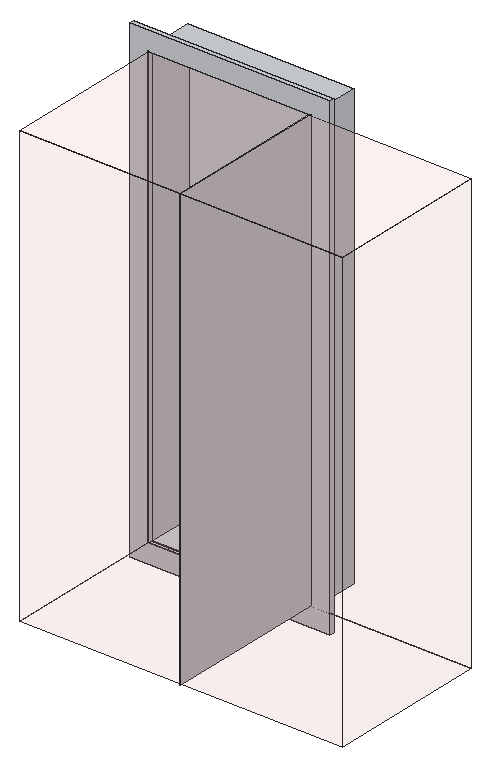
Revit family "Hager-VOLTA-Flush_mounted-IP30-With_Cover-Without_DIN-NoHosted-PL-en", category Electrical Equipment, Revit 2023
Family settings
  Panel Configuration = Two Columns, Circuits Across
  Round Connector Dimension = Use Diameter
  Part Type = Panelboard
  Work Plane-Based = Yes
  Always vertical = Yes
  Cut with Voids When Loaded = No
  Maintain Annotation Orientation = No
  Shared = No
  Room Calculation Point = No
Parameters (values of type "VOLTA-Flush_mounted_W348_H880_D98_12_Modular_Spacing-VU60NWP")
  Width Control [instance] = if([HG000006-Flush mounted], if([EF000846 - Built-in width] > min_whd, [EF000846 - Built-in width], min_whd), if([EF000008 - Width] > min_whd, ([EF000008 - Width]), min_whd))  # 314.5 mm
  Void Depth [instance] = if([EF000218 - Built-in depth] > 1 mm, [EF000218 - Built-in depth], 1 mm)  # 89 mm
  Uniformat code = "D501001"
  Uniformat = "Low Tension Service & Dist."
  Référence = ""
  HG000131 - Functional label [instance] = ""
  HG000130 - Functional name [instance] = ""
  HG000099-Onfly Template ID = "507532"
  HG000059-Operating voltage [instance] = 230 V
  ETIM class name = "Small distribution board"
  ETIM class code = "EC000214"
  EF015941 - Signal passing door = no
  EF015777 - Neutral terminal block = yes
  EF015776 - Earthing terminal block = yes
  EF009212 - Cover model = "With notch"
  EF006306 - With lock = no
  EF006244 - Transparent cover/door = no
  EF005474 - Degree of protection (IP) = "IP30"
  EF004462 - Type of closure = "Other"
  EF002950 - Width in number of modular spacings = 12
  EF001596 - Housing material = ""
  EF001134 - DIN-rail = no
  EF001131 - Inner depth = 0 mm
  EF001088 - Extension possible = yes
  EF001062 - EMC-version = no
  EF000846 - Built-in width = 314.5 mm
  EF000339 - Type of covering = ""
  EF000332 - Built-in height = 845 mm
  EF000266 - Number of rows = 0
  EF000218 - Built-in depth = 89 mm
  EF000118 - With mounting plate = yes
  EF000116 - RAL-number = 9010
  EF000049 - Depth = 98 mm
  EF000040 - Height = 880 mm
  EF000008 - Width = 348 mm
  EF000007 - Colour = "White"
  EF000003 - Mounting method = "Flush-mounted"
  EF004464 - Type of door = ""
  EF000024 - UV resistant = no
  Type Comments = ""
  System Height [instance] = Height Control - 2 * [HG000005-Thickness]  # 841 mm
  Reference description = ""
  Reference = "VOLTA-Flush_mounted_W348_H880_D98_12_Modular_Spacing-VU60NWP"
  Panel Name [instance] = ""  # (empty or 0)
  Offset [instance] = 0 mm
  Object type = ""
  Name hager = "ADD_Enclosures_EC000214"
  Name BIM&CO = "Electricity"
  Name = "VOLTA-Flush_mounted-IP30-With_Cover-Without_DIN-PL"
  Model = ""
  Level Offset [instance] = [Flush Mounted - Door Frame Width] + Offset  # 35 mm
  HGEF002950-Width in number of modular spacings = 12
  HGEF000266-Number of rows = 0
  HG000060-RAL-number = "9010"
  HG000017-Distance between poles = 18 mm
  HG000016-Door 3D visibility = yes
  HG000015-Clearance visibility = yes
  HG000014-Door on the right = yes
  HG000013-Door on the left = not([HG000014-Door on the right])  # no
  HG000012-Door swing angle = 90.00°
  HG000011-Empty rows from bottom = no
  HG000010-Asymmetric doors = no
  HG000009-Double swing door = no
  HG000008-Number of empty rows = 0
  HG000007-Number of empty columns = 0
  HG000006-Flush mounted = yes
  HG000005-Thickness = 2 mm
  HG000004-Manufacturer reference = "VU60NWP"
  HG000003-Range = "VOLTA"
  HG000002-With door or cover = yes
  HG000001-Number of columns = 0
  GTIN (Global Trade Item Number) = ""
  Description = ""
  Default Elevation = 1200 mm
  Creation Date = "12/15/2025 21:47:10"
  Code hager = "ADD-EC000214_EU"
  Code Uniformat = ""
  BIM&CO code = ""
  BC_VARIANT_ID = "1174407"
  BC_OBJECT_VERSION = "#5"  # constant formula
  BC_OBJECT_ID = "513497"  # constant formula
  BC_MODEL_ID = "1547212"  # constant formula
  BC_METADATA = "{\"ObjectGuid\":\"bc35c96e-cb38-443e-833d-0616858cb9ac\",\"ModelGuid\":\"8af03f69-2293-4735-a617-cc53adf55621\",\"VariantGuid\":\"8b6e323b-1b53-409a-a940-11b5a7fc5337\",\"Revision\":\"#4\",\"VariantName\":\"Template-Enclosure_EU-EC000214\"}"
  Arrow Offset [instance] = Depth Control / 8  # 11.125 mm
  Arrow Height [instance] = Depth Control - Arrow Offset  # 77.875 mm
  Host Offset [instance] = if([HG000006-Flush mounted], 0 mm, [EF000049 - Depth])  # 0 mm
  min_whd [instance] = (2 * [HG000005-Thickness]) + 1 mm  # 5 mm
  Manufacturer = "Hager"  # constant formula
  Height Control [instance] = if([HG000006-Flush mounted], if([EF000332 - Built-in height] > min_whd, [EF000332 - Built-in height], min_whd), if([EF000040 - Height] > min_whd, ([EF000040 - Height]), min_whd))  # 845 mm
  Flush Mounted - Door Frame Width [instance] = if(([EF000040 - Height] - [EF000332 - Built-in height]) > 0 mm, if([HG000006-Flush mounted], [EF000040 - Height] - [EF000332 - Built-in height], 0 mm), 0 mm)  # 35 mm
  Depth Control [instance] = if([HG000006-Flush mounted], if([EF000218 - Built-in depth] > 0 mm, [EF000218 - Built-in depth], 1 mm), if([EF000049 - Depth] > 0 mm, ([EF000049 - Depth]), 1 mm))  # 89 mm
Types (3, lengths in mm): name | EF000332 - Built-in height | EF000040 - Height | System Height | Reference | HG000004-Manufacturer reference | BC_VARIANT_ID | Height Control
  VOLTA-Flush_mounted_W348_H630_D98_12_Modular_Spacing-VU36NWP | 595 | 630 | 591 | "VOLTA-Flush_mounted_W348_H630_D98_12_Modular_Spacing-VU36NWP" | "VU36NWP" | "1174403" | 595
  VOLTA-Flush_mounted_W348_H755_D98_12_Modular_Spacing-VU48NWP | 720 | 755 | 716 | "VOLTA-Flush_mounted_W348_H755_D98_12_Modular_Spacing-VU48NWP" | "VU48NWP" | "1174405" | 720
  VOLTA-Flush_mounted_W348_H880_D98_12_Modular_Spacing-VU60NWP | 845 | 880 | 841 | "VOLTA-Flush_mounted_W348_H880_D98_12_Modular_Spacing-VU60NWP" | "VU60NWP" | "1174407" | 845
Reference planes
  plane 1 "Center (Front/Back)": y = 0
  plane 2: z = 0
  plane 3 "Center (Left/Right)": x = 0
  plane 4: y = 37
  plane 5: y = 89
  plane 6: y = 35
  plane 7: z = 0
  plane 8: x = -157.25
  plane 9: x = 157.25
  plane 10: x = 155.25
  plane 11: x = -155.25
  plane 12: z = 35
  plane 13: z = 37
  plane 14: y = 5
  plane 15: y = 0
  plane 16: y = 87
  plane 17: z = 878
  plane 18: z = 880
  plane 19: z = 457.5
  plane 20: x = 0
  plane 21: y = -100
  plane 22 "Annotation H": y = -300
  plane 23 "Annotation V": x = 357.25
Forms (mm)
  Extrusion 1, solid
    sketch origin (-208.679, -4572, 35) x (-1, 0, 0) y (0, -1, 0)
      loop
        line (-51.429, -4572) -> (-365.929, -4572) -> (-365.929, -4661) -> (-51.429, -4661) -> (-51.429, -4572)
    from 0 to 845 <- "Height Control"
  Extrusion 2, void
    sketch origin (-350.771, 0, 1219.2) x (1, 0, 0) y (0, 0, 1)
      loop
        line (195.521, -341.2) -> (195.521, -1182.2) -> (506.021, -1182.2) -> (506.021, -341.2) -> (195.521, -341.2)
    from 0 to -87
  Extrusion 3, solid, detail levels coarse+medium
    sketch origin (-350.771, 0, 1219.2) x (-1, 0, 0) y (0, 0, 1)
      loop
        line (-195.521, -341.2) -> (-506.021, -341.2) -> (-506.021, -1182.2) -> (-195.521, -1182.2) -> (-195.521, -341.2)
    from 0 to 2 <- "HG000005-Thickness"
Cuts and joins
  Extrusion 2 cuts Extrusion 1
Dimensions and locks
  "Flush Mounted - Door Frame Width": plane 1 "Center (Front/Back)" to plane 6
  "HG000005-Thickness": plane 4 to plane 6
  "HG000005-Thickness": plane 8 to plane 11
  "HG000005-Thickness": plane 9 to plane 10
  equal spacing: plane 8, plane 3 "Center (Left/Right)", plane 9
  "Width Control": plane 8 to plane 9
  locked: plane 14 to plane 15 at 5
  "Host Offset": plane 1 "Center (Front/Back)" to plane 15
  "Depth Control": plane 5 to plane 15
  "HG000005-Thickness": plane 5 to plane 16
  "HG000005-Thickness": plane 13 to plane 12
  "Level Offset": plane 12 to level
  "HG000005-Thickness": plane 18 to plane 17
  "Height Control": plane 18 to plane 12
  "Arrow Offset": plane 5 to nested 4
  equal spacing: plane 18, plane 19, plane 12
  locked: connector elem to plane 19
  locked: connector elem to plane 3 "Center (Left/Right)"
  Extrusion 2 sketch curve to Extrusion 2 sketch curve to plane 9 = 310.5 mm, 2 mm
  locked: plane 9 to plane 23 "Annotation V" at 200
  locked: plane 22 "Annotation H" to plane 1 "Center (Front/Back)" at 300
  aligned and locked: nested 1 to plane 14
  aligned and locked: plane 3 "Center (Left/Right)" to nested 1
  aligned and locked: plane 3 "Center (Left/Right)" to nested 2
  aligned and locked: nested 2 to plane 15
  aligned and locked: plane 5 to Extrusion 1
  aligned and locked: Extrusion 3 sketch curve to plane 17
  aligned and locked: Extrusion 3 sketch curve to plane 11
  aligned and locked: plane 13 to Extrusion 3 sketch curve
  aligned and locked: Extrusion 3 sketch curve to plane 10
  aligned and locked: plane 13 to Extrusion 2 sketch curve
  aligned and locked: Extrusion 2 sketch curve to plane 17
  aligned and locked: plane 16 to Extrusion 2
  aligned and locked: plane 5 to Extrusion 1 sketch curve
  aligned and locked: plane 9 to Extrusion 1 sketch curve
  aligned and locked: plane 8 to Extrusion 1 sketch curve
  aligned and locked: plane 8 to nested 4
  aligned and locked: plane 8 to nested 3
  aligned and locked: nested 3 to plane 5
  aligned and locked: Extrusion 1 sketch curve to plane 15
  aligned and locked: Extrusion 2 to plane 15
  aligned and locked: nested 5 to plane 22 "Annotation H"
  aligned and locked: plane 23 "Annotation V" to nested 5
  aligned and locked: plane 11 to Extrusion 2
  aligned and locked: plane 10 to Extrusion 2
Nested families
  nested 1: "Hager_Enclosure_System" at (0, 5, 37), Flush_Mounted <- "HG000006-Flush mounted", Height <- "System Height", Width_Control <- "Width Control", Row_Module_Multiplicator <- "HGEF002950-Width in number of modular spacings", Empty_Columns <- "HG000007-Number of empty columns", Border <- "HG000005-Thickness", Total_No_Empty_Rows <- "HG000008-Number of empty rows", Depth <- "HG000005-Thickness", Empty_Rows_From_Bottom <- "HG000011-Empty rows from bottom", Distance_Between_Poles <- "HG000017-Distance between poles", Rows_Count <- "HGEF000266-Number of rows", Columns_Count <- "HG000001-Number of columns", Built-in_Width <- "EF000846 - Built-in width", Width <- "EF000008 - Width", type "Hager_Enclosure_System", detail levels medium+fine
    with Width_Control 314.5 mm, Width 348 mm, Total_No_Rows 0, Total_No_Empty_Rows 0, Total_No_Columns 1, System_Width 310.5 mm, Rows_Count 0, Rows_Column 0, Row_Module_Multiplicator 12, Panel_4 no, Panel_3 no, Panel_2 no, Panel_1 no, No_Panels_Ctrl 1, Hide_Columns yes, Height 841 mm, Flush_Mounted yes, Empty_Rows_From_Bottom no, Empty_Rows_Column 0, Empty_Columns 0, Empty column 4 0, Empty column 3 0, Empty column 2 0, Empty column 1 0, Distance_Between_Poles 18 mm, Depth 2 mm, Columns_Count 0, Column_Width 310.5 mm, Built-in_Width 314.5 mm, Border 2 mm
  nested 2: "Hager_Enclosure_Door" at (0, 0, 35), Double <- "HG000009-Double swing door", Height_Ctrl <- "Height Control", Angle <- "HG000012-Door swing angle", Door_Right <- "HG000014-Door on the right", Assymetrical <- "HG000010-Asymmetric doors", Flush_Mounted <- "HG000006-Flush mounted", Door <- "HG000002-With door or cover", Width_Ctrl <- "Width Control", 3d_Door <- "HG000016-Door 3D visibility", Border <- "HG000005-Thickness", Clearance <- "HG000015-Clearance visibility", Door_Left <- "HG000013-Door on the left", BuiltIn_Depth <- "EF000218 - Built-in depth", Depth <- "EF000049 - Depth", BuiltIn_Width <- "EF000846 - Built-in width", Height <- "EF000040 - Height", BuiltIn_Height <- "EF000332 - Built-in height", Width <- "EF000008 - Width", Transparent <- "EF006244 - Transparent cover/door", type "Hager_Enclosure_Door", detail levels medium+fine
    with min_wh 5 mm, Width_Ctrl 314.5 mm, Width 348 mm, Transparent_Door_No_Bottom_Border no, Transparent no, Leaf_Width 307.5 mm, Leaf_Tolerance 1.5 mm, Leaf_Height 838 mm, Leaf_2_Width 307.5 mm, Leaf_2_Offset 153.75 mm, Leaf_1_Width 307.5 mm, Leaf_1_Offset 153.75 mm, Height_Ctrl 845 mm, Height 880 mm, Frame_Width_Ctrl 33.5 mm, Frame_Width 33.5 mm, Frame_Internal_Offset 2 mm, Frame_Height_Ctrl 35 mm, Frame_Height 35 mm, Frame_Depth_Ctrl 9 mm, Frame_Depth 9 mm, Flush_Mounted yes, Double_Clearance_Ctrl no, Double no, Door_Right_Ctrl yes, Door_Right yes, Door_Left_Ctrl no, Door_Left no, Door yes, Depth 98 mm, Clearance_Depth 307.5 mm, Clearance_Ctrl yes, Clearance yes, BuiltIn_Width 314.5 mm, BuiltIn_Height 845 mm, BuiltIn_Depth 89 mm, Border 2 mm, Assymetrical no, Angle 90.00°, 3d_Door yes
  nested 3: "Hager_Enclosure_Symbol_Triangle" at (-157.25, 89, 0), Depth <- "Depth Control", Width <- "Width Control", type "Hager_Enclosure_Symbol_Triangle"
    with Width_Ctrl 314.5 mm, Width 314.5 mm, Depth_Ctrl 89 mm, Depth 89 mm
  nested 4: "Hager_Enclosure_Symbol_Arrow" at (-157.25, 77.875, 0), Height <- "Arrow Height", type "Hager_Enclosure_Symbol_Arrow"
    with Width_Inside 5.841 mm, Width 70.087 mm, Height_Ctrl 77.875 mm, Height 77.875 mm
  nested 5: "Hager_Annotation-HG000130" at (357.25, -300, 0), HG000130 - Functional name <- "HG000130 - Functional name", type "Hager_Annotation-HG000130"
    with HG000130 - Functional name ""
Connectors
  electrical at (0, 89, 457.5), driven by "HG000059-Operating voltage"
    settings: on plane 5, index 1, voltage 230 V, apparent load 0 VA, apparent load phase1 0 VA, apparent load phase2 0 VA, apparent load phase3 0 VA, power factor 1, load classification "Other", number of poles 1, system type 30, power factor state 1, is connector primary yes, connector utility no, sub classification motor no, connector description ""
Definition of nested family "Hager_Enclosure_Door"
  Parameters (values of type "Hager_Enclosure_Door")
    min_wh [instance] = (2 * Border) + 1 mm  # 11 mm
    Width_Ctrl [instance] = 400 mm
    Width [instance] = 500 mm
    Transparent_Door_No_Bottom_Border [instance] = no
    Transparent [instance] = yes
    Leaf_Width [instance] = if((Width_Ctrl - 2 * Border - 2 * Leaf_Tolerance) > 0 mm, (Width_Ctrl - 2 * Border - 2 * Leaf_Tolerance), min_wh)  # 387 mm
    Leaf_Tolerance [instance] = 1.5 mm  # constant formula
    Leaf_Height [instance] = if((Height_Ctrl - 2 * Border - 2 * Leaf_Tolerance) > 0 mm, (Height_Ctrl - 2 * Border - 2 * Leaf_Tolerance), min_wh)  # 387 mm
    Leaf_2_Width [instance] = if(and(and(Double, Assymetrical), Door_Left), (Leaf_Width / 3) - (Leaf_Tolerance / 2), if(and(and(Double, Assymetrical), Door_Right), (Leaf_Width / 3) * 2 - (Leaf_Tolerance / 2), if(and(Double, not(Assymetrical)), (Leaf_Width / 2) - Leaf_Tolerance, Leaf_Width)))  # 387 mm
    Leaf_2_Offset [instance] = if(and(Double, Assymetrical), Leaf_2_Width / 2, if(and(Double, not(Assymetrical)), Leaf_Width / 4, Leaf_Width / 2))  # 193.5 mm
    Leaf_1_Width [instance] = if(and(and(Double, Assymetrical), Door_Right), (Leaf_Width / 3) - (Leaf_Tolerance / 2), if(and(and(Double, Assymetrical), Door_Left), (Width / 3) * 2 - (Leaf_Tolerance / 2), if(and(Double, not(Assymetrical)), (Leaf_Width / 2) - Leaf_Tolerance, Leaf_Width)))  # 387 mm
    Leaf_1_Offset [instance] = if(and(Double, Assymetrical), Leaf_1_Width / 2, if(and(Double, not(Assymetrical)), Leaf_Width / 4, Leaf_Width / 2))  # 193.5 mm
    Height_Ctrl [instance] = 400 mm
    Height [instance] = 500 mm
    Frame_Width_Ctrl [instance] = if(Frame_Width > 0 mm, Frame_Width, 1 mm)  # 1 mm
    Frame_Width [instance] = Width - BuiltIn_Width  # 0 mm
    Frame_Internal_Offset [instance] = if(Flush_Mounted, Border, 0 mm)  # 5 mm
    Frame_Height_Ctrl [instance] = if(Frame_Height > 0 mm, Frame_Height, 1 mm)  # 1 mm
    Frame_Height [instance] = Height - BuiltIn_Height  # 0 mm
    Frame_Depth_Ctrl [instance] = if(Frame_Depth > 0 mm, Frame_Depth, 1 mm)  # 1 mm
    Frame_Depth [instance] = if(Depth - BuiltIn_Depth > 0 mm, if(Flush_Mounted, Depth - BuiltIn_Depth, 0 mm), 0 mm)  # 0 mm
    Flush_Mounted [instance] = yes
    Double_Clearance_Ctrl [instance] = and(Double, Clearance)  # no
    Double [instance] = no
    Door_Right_Ctrl [instance] = and(or(Door_Right, Double), Door)  # yes
    Door_Right [instance] = yes
    Door_Left_Ctrl [instance] = and(or(Door_Left, Double), Door)  # no
    Door_Left [instance] = no
    Door [instance] = yes
    Depth [instance] = 500 mm
    Default Elevation = 1219.2 mm
    Clearance_Material = none
    Clearance_Depth [instance] = if(Leaf_1_Width > Leaf_2_Width, Leaf_1_Width, Leaf_2_Width)  # 387 mm
    Clearance_Ctrl [instance] = and(not(Double), Clearance)  # yes
    Clearance [instance] = yes
    BuiltIn_Width [instance] = 500 mm
    BuiltIn_Height [instance] = 500 mm
    BuiltIn_Depth [instance] = 500 mm
    Border [instance] = 5 mm
    Assymetrical [instance] = yes
    Angle [instance] = 30.00°
    3d_Door [instance] = yes
  Reference planes
    plane 1 "Center (Front/Back)": y = 0
    plane 2 "Bottom": z = 0
    plane 3 "Center (Left/Right)": x = 0
    plane 4: z = 400
    plane 5: x = -200
    plane 6: x = 200
    plane 7: z = 395
    plane 8: x = -195
    plane 9: z = 5
    plane 10: x = 195
    plane 11: y = 0
    plane 12: z = 6.5
    plane 13: x = -582
    plane 14: y = -387
    plane 15: x = 582
    plane 16: x = 0
    plane 17: x = 0
    plane 18: x = -193.5
    plane 19: x = 193.5
    plane 20: z = 393.5
  Forms (mm)
    Extrusion 1, solid, visible <- "Flush_Mounted"
      sketch origin (0, 0, 0) x (1, 0, 0) y (0, 0, 1)
        loop
          line (195, 5) -> (195, 395) -> (-195, 395) -> (-195, 5) -> (195, 5)
        loop
          line (-201, 401) -> (-201, -1) -> (201, -1) -> (201, 401) -> (-201, 401)
      from 0 to 1 <- "Frame_Depth_Ctrl"
    Extrusion 2, solid, material <- "Clearance_Material", visible <- "Double_Clearance_Ctrl"
      sketch origin (1200, 0, 0) x (1, 0, 0) y (0, 0, -1)
        loop
          line (-1782, -393.5) -> (-618, -393.5) -> (-618, 0) -> (-1782, 0) -> (-1782, -393.5)
      from 0 to -387
  Dimensions and locks
    equal spacing: plane 5, plane 3 "Center (Left/Right)", plane 6
    "Width_Ctrl": plane 5 to plane 6
    "Border": plane 5 to plane 8
    "Border": plane 6 to plane 10
    "Border": plane 9 to level
    "Border": plane 4 to plane 7
    "Height_Ctrl": plane 4 to level
    "Leaf_Tolerance": plane 12 to plane 9
    "Frame_Depth": plane 11 to plane 1 "Center (Front/Back)"
    "Frame_Width_Ctrl": plane 5 to Extrusion 1 sketch curve
    "Frame_Width_Ctrl": plane 6 to Extrusion 1 sketch curve
    "Frame_Width_Ctrl": Extrusion 1 sketch curve to plane 4
    "Frame_Width_Ctrl": plane 2 "Bottom" to Extrusion 1 sketch curve
    "Leaf_1_Offset": plane 18 to plane 16
    "Leaf_2_Offset": plane 17 to plane 19
    "Leaf_1_Width": plane 13 to plane 8
    "Leaf_2_Width": plane 10 to plane 15
    "Clearance_Depth": plane 14 to plane 1 "Center (Front/Back)"
    "Leaf_Tolerance": plane 8 to plane 18
    "Leaf_Tolerance": plane 19 to plane 10
    "Leaf_Tolerance": plane 7 to plane 20
    "Frame_Internal_Offset": plane 5 to Extrusion 1 sketch curve
    "Frame_Internal_Offset": Extrusion 1 sketch curve to plane 2 "Bottom"
    "Frame_Internal_Offset": plane 6 to Extrusion 1 sketch curve
    "Frame_Internal_Offset": plane 4 to Extrusion 1 sketch curve
    aligned and locked: level to plane 2 "Bottom"
    aligned and locked: nested 1 to plane 16
    aligned and locked: nested 2 to plane 17
    aligned and locked: Extrusion 2 to plane 13
    aligned and locked: plane 15 to Extrusion 2
    aligned and locked: Extrusion 2 to plane 14
    aligned and locked: plane 12 to nested 1
    aligned and locked: nested 2 to plane 12
    aligned and locked: Extrusion 2 to plane 11
    aligned and locked: plane 20 to Extrusion 2
    aligned and locked: nested 2 to plane 11
    aligned and locked: nested 1 to plane 11
  Automatic sketch dimensions
    Extrusion 2 sketch curve to level = 0 mm
    plane 5 to Extrusion 2 sketch curve = 382 mm
    plane 6 to Extrusion 2 sketch curve = 382 mm
    Extrusion 2 sketch curve to plane 4 = 6.5 mm
  Nested families
    nested 1: "Hager_Enclosure_Door_Leaf" at (0, 0, 6.5), Width <- "Leaf_1_Width", visible <- "Door_Left_Ctrl", Leaf_Height <- "Leaf_Height", Angle <- "Angle", Depth <- "Border", 3d_Door <- "3d_Door", Transparent <- "Transparent", Clearance Material <- "Clearance_Material", Clearance <- "Clearance_Ctrl", Transparent_Door_No_Bottom_Border <- "Transparent_Door_No_Bottom_Border", type "Hager_Enclosure_Door_Leaf"
      with Width 387 mm, Transparent_Door_No_Bottom_Border no, Transparent_Door_Border_Bottom_Top 25 mm, Transparent_Door_Border 25 mm, Transparent_Ctrl yes, Transparent yes, Standard no, Leaf_Height 387 mm, Glass_Offset 1 mm, Depth 5 mm, Clearance Material none, Clearance yes, Angle_Ctrl 30.00°, Angle 30.00°, 3d_Door yes
    nested 2: "Hager_Enclosure_Door_Leaf" at (0, 0, 6.5) x (-1, 0, 0) z (0, 0, 1), Width <- "Leaf_2_Width", visible <- "Door_Right_Ctrl", Leaf_Height <- "Leaf_Height", Angle <- "Angle", Depth <- "Border", 3d_Door <- "3d_Door", Transparent <- "Transparent", Clearance Material <- "Clearance_Material", Clearance <- "Clearance_Ctrl", Transparent_Door_No_Bottom_Border <- "Transparent_Door_No_Bottom_Border", type "Hager_Enclosure_Door_Leaf"
      with Width 387 mm, Transparent_Door_No_Bottom_Border no, Transparent_Door_Border_Bottom_Top 25 mm, Transparent_Door_Border 25 mm, Transparent_Ctrl yes, Transparent yes, Standard no, Leaf_Height 387 mm, Glass_Offset 1 mm, Depth 5 mm, Clearance Material none, Clearance yes, Angle_Ctrl 30.00°, Angle 30.00°, 3d_Door yes
  Definition of nested family "Hager_Enclosure_Door_Leaf"
    Parameters (values of type "Hager_Enclosure_Door_Leaf")
      Width [instance] = 2000 mm
      Transparent_Door_No_Bottom_Border [instance] = yes
      Transparent_Door_Border_Bottom_Top [instance] = if(Transparent_Door_No_Bottom_Border, 0.1 mm, Transparent_Door_Border)  # 0.1 mm
      Transparent_Door_Border [instance] = if(Transparent_Door_No_Bottom_Border, (Width * 0.12), 25 mm)  # 240 mm
      Transparent_Ctrl [instance] = and(Transparent, [3d_Door])  # yes
      Transparent [instance] = yes
      Standard [instance] = and(not(Transparent), [3d_Door])  # no
      Leaf_Height [instance] = 2720.336 mm
      Glass_Offset [instance] = if((Depth - 10 mm) / 2 > 0 mm, (Depth - 10 mm) / 2, 1 mm)  # 15 mm
      Glass_Material = none
      Depth [instance] = 40 mm
      Default Elevation = 0 mm
      Clearance Material [instance] = none
      Clearance [instance] = yes
      Angle_Ctrl [instance] = if(Angle > 170.00°, 170.00°, Angle)  # 45.00°
      Angle [instance] = 45.00°
      3d_Door [instance] = yes
    Reference planes
      plane 1 "Center (Front/Back)": y = 0
      plane 2: z = 0
      plane 3 "Center (Left/Right)": x = 0
      plane 4: y = 2000
      plane 5: x = -1000
      plane 6: x = 1000
      plane 7: x = -3000
      plane 8: z = 2720.336
      plane 9: z = 0.1
      plane 10: z = 2720.236
      plane 11: x = 760
      plane 12: x = -760
    Forms (mm)
      Extrusion 1, solid, material <- "Clearance Material", visible <- "Clearance"
        sketch origin (0, 0, 0) x (1, 0, 0) y (0, 0, 1)
          loop
            line (-3000, 2720.336) -> (-3000, 0) -> (1000, 0) -> (1000, 2720.336) -> (-3000, 2720.336)
        from 0 to -2000
      Extrusion 2, solid, visible <- "Standard", detail levels medium+fine
        sketch origin (-1000, 0, 0) x (0.707107, 0.707107, 0) y (-0.707107, 0.707107, 0)
          loop
            line (0, -40) -> (2000, -40) -> (2000, 0) -> (0, 0) -> (0, -40)
        from 0 to 2720.336 <- "Leaf_Height"
      Extrusion 3, solid, visible <- "Transparent_Ctrl", detail levels medium+fine
        sketch origin (-1000, 0, 0) x (0.707107, 0.707107, 0) y (-0.707107, 0.707107, 0)
          loop
            line (0, -40) -> (2000, -40) -> (2000, 0) -> (0, 0) -> (0, -40)
        from 0 to 2720.336 <- "Leaf_Height"
      Extrusion 4, void, detail levels medium+fine
        sketch origin (-1000, 0, 0) x (-0.707107, 0.707107, 0) y (0.707107, 0.707107, 0)
          loop
            line (0, 240) -> (0, 1760) -> (-40, 1760) -> (-40, 240) -> (0, 240)
        from -2720.236 to -0.1
      Extrusion 5, solid, material <- "Glass_Material", visible <- "Transparent_Ctrl", detail levels medium+fine
        sketch origin (-1000, 0, 0) x (0.707107, 0.707107, 0) y (-0.707107, 0.707107, 0)
          loop
            line (240, -15) -> (240, -25) -> (1760, -25) -> (1760, -15) -> (240, -15)
        from 0.1 to 2720.236
    Cuts and joins
      Extrusion 4 cuts Extrusion 3
    Lines and regions (mm)
      symbolic lines
        curve 1: line (1000, 0, 0) -> (-3000, 0, 0)
        curve 2: arc (1000, 0, 0) -> (-1000, 2000, 0) -> (-3000, 0, 0) r 2000
        curve 4: line (-1000, 0, 0) -> (414.214, 1414.214, 0)
      reference lines
        curve 3: line (-1000, 0, 0) -> (414.214, 1414.214, 0)
      symbolic lines, detail levels medium+fine
        curve 5: line (414.214, 1414.214, 0) -> (442.498, 1385.929, 0)
        curve 6: line (442.498, 1385.929, 0) -> (-971.716, -28.284, 0)
        curve 7: line (-971.716, -28.284, 0) -> (-1000, 0, 0)
        curve 8: line (-1000, 0, 2720.336) -> (1000, 0, 2720.336)
        curve 9: line (-1000, 0, 0) -> (-1000, 0, 2720.336)
        curve 10: line (1000, 0, 0) -> (-1000, 0, 0)
        curve 11: line (1000, 0, 2720.336) -> (1000, 0, 0)
      symbolic lines, visible <- "Transparent_Ctrl", detail levels medium+fine
        curve 12: line (-760, 0, 2720.236) -> (760, 0, 2720.236)
        curve 13: line (-760, 0, 0.1) -> (-760, 0, 2720.236)
        curve 14: line (760, 0, 0.1) -> (-760, 0, 0.1)
        curve 15: line (760, 0, 2720.236) -> (760, 0, 0.1)
    Dimensions and locks
      "Width": plane 1 "Center (Front/Back)" to plane 4
      equal spacing: plane 5, plane 3 "Center (Left/Right)", plane 6
      "Width": plane 5 to plane 6
      "Width": plane 7 to plane 5
      "Leaf_Height": plane 8 to level
      "Depth": curve 6 to curve 3
      "Width": curve 5 to curve 3
      "Width": curve 3 to curve 3
      "Transparent_Door_Border": Extrusion 4 sketch curve to curve 7
      "Transparent_Door_Border": Extrusion 4 sketch curve to curve 5
      "Transparent_Door_Border_Bottom_Top": plane 8 to plane 10
      "Transparent_Door_Border_Bottom_Top": plane 9 to level
      "Glass_Offset": Extrusion 5 sketch curve to curve 4
      "Glass_Offset": Extrusion 5 sketch curve to curve 6
      "Transparent_Door_Border": Extrusion 5 sketch curve to curve 5
      "Transparent_Door_Border": Extrusion 5 sketch curve to curve 7
      "Transparent_Door_Border": plane 12 to plane 5
      "Transparent_Door_Border": plane 6 to plane 11
      "Angle_Ctrl": angle plane 1 "Center (Front/Back)" to curve 3
      aligned and locked: level to plane 2
      aligned and locked: Extrusion 1 to curve 1
      aligned and locked: plane 6 to Extrusion 1
      aligned and locked: Extrusion 1 to plane 1 "Center (Front/Back)"
      aligned and locked: plane 4 to Extrusion 1
      aligned and locked: plane 8 to Extrusion 1
      aligned and locked: curve 4 to curve 3
      aligned and locked: Extrusion 2 sketch curve to curve 7
      aligned and locked: Extrusion 2 sketch curve to curve 6
      aligned and locked: Extrusion 2 sketch curve to curve 5
      aligned and locked: Extrusion 2 sketch curve to curve 3
      aligned and locked: curve 7 to Extrusion 3 sketch curve
      aligned and locked: Extrusion 3 sketch curve to curve 4
      aligned and locked: Extrusion 3 sketch curve to curve 6
      aligned and locked: Extrusion 3 sketch curve to curve 5
      aligned and locked: curve 4 to Extrusion 4 sketch curve
      aligned and locked: curve 6 to Extrusion 4 sketch curve
      aligned and locked: Extrusion 4 to plane 9
      aligned and locked: Extrusion 4 to plane 10
      aligned and locked: Extrusion 5 to plane 9
      aligned and locked: Extrusion 5 to plane 10
      aligned and locked: curve 8 to plane 8
      aligned and locked: plane 5 to curve 9
      aligned and locked: plane 2 to curve 10
      aligned and locked: curve 11 to plane 6
      aligned and locked: plane 10 to curve 12
      aligned and locked: plane 12 to curve 13
      aligned and locked: curve 14 to plane 9
      aligned and locked: plane 11 to curve 15
    Automatic sketch dimensions
      plane 1 "Center (Front/Back)" to curve 2 = 0 mm
      curve 2 to plane 5 = 0 mm
      Extrusion 1 sketch curve to level = 0 mm
      Extrusion 1 sketch curve to plane 7 = 0 mm
      Extrusion 1 sketch curve to plane 6 = 0 mm
      Extrusion 1 sketch curve to plane 8 = 0 mm
      plane 1 "Center (Front/Back)" to curve 3 = 0 mm
      curve 3 to plane 5 = 0 mm
      curve 7 to curve 3 = 0 mm
Definition of nested family "Hager_Enclosure_Symbol_Triangle"
  Parameters (values of type "Hager_Enclosure_Symbol_Triangle")
    Width_Ctrl [instance] = if(Width > 1 mm, Width, 1 mm)  # 498 mm
    Width [instance] = 498 mm
    Depth_Ctrl [instance] = if(Depth > 1 mm, Depth, 1 mm)  # 72 mm
    Depth [instance] = 72 mm
  Reference planes
    plane 1 "Centre (avant/arrière)": y = 0
    plane 2: z = 0
    plane 3 "Centre (gauche/droite)": x = 0
  Lines and regions (mm)
    Filled region 1, type "Solid_Black", in view "Niveau de réf."
      outline origin (0, 0, 0) x (1, 0, 0) y (0, 1, 0)
        loop
          line (0, 0) -> (498, 0) -> (498, 72) -> (0, 0)
    reference lines, in view "Niveau de réf."
      curve 1: line (-206.153, 72, 0) -> (1083.258, 72, 0)
      curve 2: line (498, 405.456, 0) -> (498, -517.619, 0)
  Dimensions and locks
    "Depth_Ctrl": plane 1 "Centre (avant/arrière)" to curve 1
    "Width_Ctrl": plane 3 "Centre (gauche/droite)" to curve 2
    aligned and locked: curve 1 to Filled region 1 sketch curve
    aligned and locked: Filled region 1 sketch curve to plane 1 "Centre (avant/arrière)"
    aligned and locked: curve 2 to Filled region 1 sketch curve
    aligned and locked: plane 3 "Centre (gauche/droite)" to Filled region 1 sketch curve
    aligned and locked: plane 1 "Centre (avant/arrière)" to Filled region 1 sketch curve
  Automatic sketch dimensions
    curve 1 to plane 3 "Centre (gauche/droite)" = 206.153 mm
    curve 2 to curve 1 = 585.258 mm
    plane 1 "Centre (avant/arrière)" to curve 2 = 517.619 mm
    curve 2 to plane 1 "Centre (avant/arrière)" = 405.456 mm
Definition of nested family "Hager_Enclosure_Symbol_Arrow"
  Parameters (values of type "Hager_Enclosure_Symbol_Arrow")
    Width_Inside [instance] = if(Width / 12 > 2 mm, Width / 12, 2 mm)  # 4.987 mm
    Width [instance] = if(Height_Ctrl * 0.9 > 2 mm, Height_Ctrl * 0.9, 2 mm)  # 59.85 mm
    Height_Ctrl [instance] = if(Height > 2 mm, Height, 2 mm)  # 66.5 mm
    Height [instance] = 66.5 mm
  Reference planes
    plane 1 "Centre (avant/arrière)": y = 0
    plane 2: z = 0
    plane 3 "Centre (gauche/droite)": x = 0
    plane 4: x = 59.85
    plane 5: y = 28.263
    plane 6: y = 38.238
    plane 7: y = 66.5
    plane 8: x = 29.925
    plane 9: y = 33.25
  Lines and regions (mm)
    Filled region 1, type "Solid_Black", in view "Niveau de réf."
      outline origin (0, 0, 0) x (1, 0, 0) y (0, 1, 0)
        loop
          line (59.85, 66.5) -> (37.929, 52.827) -> (51.846, 41.935) -> (59.85, 66.5)
    detail lines, in view "Niveau de réf."
      curve 1: line (0, 0, 0) -> (29.925, 38.238, 0)
      curve 2: line (29.925, 38.238, 0) -> (29.925, 28.263, 0)
      curve 3: line (29.925, 28.263, 0) -> (59.85, 66.5, 0)
  Dimensions and locks
    "Width": plane 3 "Centre (gauche/droite)" to plane 4
    "Height_Ctrl": plane 7 to plane 1 "Centre (avant/arrière)"
    equal spacing: plane 3 "Centre (gauche/droite)", plane 8, plane 4
    equal spacing: plane 7, plane 9, plane 1 "Centre (avant/arrière)"
    equal spacing: plane 6, plane 9, plane 5
    "Width_Inside": plane 6 to plane 9
    equal spacing: curve 3, Filled region 1 sketch curve, Filled region 1 sketch curve
    angle Filled region 1 sketch curve to curve 3 = 20.00°
    angle curve 3 to Filled region 1 sketch curve = 20.00°
    locked: curve 3 to Filled region 1 sketch curve (angle 90.00°)
  Automatic sketch dimensions
    plane 1 "Centre (avant/arrière)" to curve 1 = 0 mm
    curve 1 to plane 3 "Centre (gauche/droite)" = 0 mm
    curve 2 to plane 6 = 0 mm
    curve 3 to plane 8 = 0 mm
    curve 3 to plane 4 = 0 mm
    curve 2 to plane 5 = 0 mm
    curve 3 to plane 7 = 0 mm
    Filled region 1 sketch curve to plane 4 = 0 mm
    Filled region 1 sketch curve to plane 7 = 0 mm
Definition of nested family "Hager_Annotation-HG000130"
  Parameters (values of type "Hager_Annotation-HG000130")
    HG000130 - Functional name [instance] = ""
  Reference planes
    plane 1: y = 0
    plane 2: x = 0
  Lines and regions (mm)
    detail lines
      curve 1: line (-27.5, 10, 0) -> (27.5, 10, 0)
      curve 2: line (-27.5, -10, 0) -> (-27.5, 10, 0)
      curve 3: line (27.5, -10, 0) -> (-27.5, -10, 0)
      curve 4: line (27.5, 10, 0) -> (27.5, -10, 0)
  Text (mm)
    label "HG000130 - Functional name" at (0.16, 0.026, 0), shows "HG000130 - Functional name"
